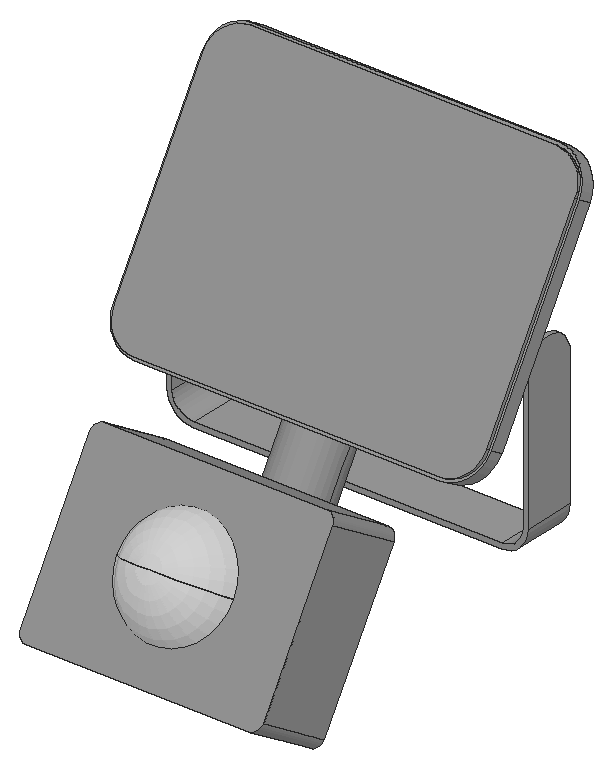
Revit family "0047962 Sylvania Lighting Fixture START eco Flood Flat IP54 PIR 900lm 830", category Lighting Fixtures, host Face, Revit 2016
Family settings
  Host = Face
  Part Type = Normal
  Round Connector Dimension = Use Diameter
  OmniClass Number = 23.80.70.00
  OmniClass Title = Lighting
  Cut with Voids When Loaded = No
  Light Source = No
  Shared = No
  Room Calculation Point = No
Parameters (values of type "0047962 ST E FLD FLT IP54 PIR 900LM 830")
  WidthBracketIn_SYL = if([10W_SYL], 102.2 mm, if([30W_SYL], 143.3 mm, if([50W_SYL], 181 mm, 262.8 mm)))  # 102.2 mm
  Weight = "4.88 kg"
  Wattage Comments = ""
  WarrantyStartDate [instance] = "n/a"
  WarrantyGuarantorParts = "n/a"
  WarrantyDurationUnit = "n/a"
  WarrantyDurationParts = "n/a"
  WarrantyDescription = "n/a"
  Voltage = 0 V
  URL = "http://www.sylvania-lighting.com"
  TypeName = "START eco Flood Flat IP54 PIR 900lm 830"
  TypeLight_SYL = START eco Flood Flat Lamp : 0047962 ST E FLD FLT IP54 PIR 900LM 830
  Type Image = <None>
  Type Comments = "n/a"
  ThicknessBracket_SYL = if([10W_SYL], 1.5 mm, 2 mm)  # 1.5 mm
  SerialNumber [instance] = "n/a"
  RotationAngle_SYL [instance] = 32.00°
  RadiusBracket_SYL = if([10W_SYL], 7.7 mm, if([30W_SYL], 8 mm, if([50W_SYL], 17 mm, 14 mm)))  # 7.7 mm
  RadiusBracketIn_SYL = RadiusBracket_SYL - ThicknessBracket_SYL  # 6.2 mm
  OffsetAxis_SYL = DepthBracket_SYL / 2  # 7.5 mm
  PowerFactor = 0.85
  PowerConsumption = "11 W"
  NominalLength = 156 mm
  NominalHeight = 67 mm
  NominalDepth = 178 mm
  Name = "START eco Flood Flat IP54 PIR 900lm 830"
  ModelReference = Name  # "START eco Flood Flat IP54 PIR 900lm 830"
  ModelNumber = "0047962"
  Model = Name  # "START eco Flood Flat IP54 PIR 900lm 830"
  Material = "adc12 housing"
  ManufacturerName = "Feilo Sylvania"
  Manufacturer = "Feilo Sylvania"
  LuminousEfficacy = "82 lm/W"
  LuminaireType = ""
  LightOutputRatio = "n/a"
  LampsType = Lamp  # "LED"
  LampNominalLuminous = "900 lm"
  LampMacAdamStep = "n/a"
  LampColourTemperature = "3000 K"
  LampColourRenderingIndex = "80"
  Lamp = "LED"
  Keynote = "16500"
  InstallationDate [instance] = "n/a"
  InputVoltage = "n/a"
  InputNominalFrequency = "n/a"
  IngressProtection = "IP54"
  ImpactProtectionIndex = "IK05"
  IfcExportType = "IfcLightFixtureType"
  IfcExportAs = "IfcLightFixtureType"
  HeightBracket_SYL = if([10W_SYL], 55 mm, if([30W_SYL], 70 mm, if([50W_SYL], 110 mm, 141 mm)))  # 55 mm
  ExpectedLife = 30000
  EndAngle_SYL [instance] = RotationAngle_SYL + 180.00°  # 212.00°
  ElectricShockClassification = "Class I"
  DurationUnit = "hours"
  DocumentationLiterature = "http://www.sylvania-lighting.com/product/en-int/products/0047962"
  DimmingControlOptions = "n/a"
  Description = "The new Start eco Flood Flat comes with improved design. The streamlined, durable, lightweight die-cast aluminium body makes it a perfect choice for building facades, car parks, garages and construction areas. The product includes 1 m pre-wired stripped cable and fitting bracket for quick and easy installation and the universal mounting bracket allows wall or surface mounting with the possibility of vertical tilting. Black die-cast aluminum housing, white reflector, 900 lm, 11 W, 82 lm/W, 3000K, drive current 38.6 mA, non dimmable, CRI>80, IP54, IK06 - fixture, IK05 - sensor, Class I, lumen maintenance L70:B50: 30000 hrs, 156 x 178 x 67 mm (L x W x H). Weight: 0.61kg.  PIR sensor included. Energy class: A++ A+ A."
  DepthBracket_SYL = if([10W_SYL], 15 mm, if([30W_SYL], 15 mm, if([50W_SYL], 17 mm, 25 mm)))  # 15 mm
  Default Elevation = 1219.2 mm
  CreatedOn = "10/8/2018"
  CreatedBy = "@sylvania-lighting.com"
  Cost = 0
  built-in parameter 1114216 [instance] = (empty or 0)
  ClassificationValue = "EF_70_80"
  ClassificationName = "Uniclass2015"
  Material_1_SYL = Body-Sylvania-FloodFlat-Black
  BarCode [instance] = "n/a"
  AssetType = "Fixed"
  AssetIdentifier [instance] = "n/a"
  Assembly Code = "D5020200"
  Apparent Load = 11 VA
  50W_SYL = no
  30W_SYL = no
  10W_SYL = yes
Reference planes
  plane 1 "Center (Front/Back)": y = 0
  plane 2: z = 0
  plane 3 "Center (Left/Right)": x = 0
  plane 4: x = -52.6
  plane 5: x = 52.6
  plane 6: z = 55
  plane 7: z = 47.5
  plane 8: x = -51.1
  plane 9: x = 51.1
  plane 10: z = 1.5
  plane 11: y = 7.5
  plane 12: y = -7.5
  plane 13: x = -44.9
  plane 14: z = 7.7
  plane 15: x = 44.9
  plane 16: y = -9.5
  plane 17: z = 57
  plane 18: y = 9.5
Forms (mm)
  Extrusion 1, solid, material "Body-Sylvania-FloodFlat-Black" <- "Material_1_SYL"
    sketch origin (0, 0, 0) x (1, 0, 0) y (0, 0, 1)
      loop
        line (-51.1, 55) -> (-52.6, 55) -> (-52.6, 7.7)
        arc (-52.6, 7.7) -> (-50.345, 2.255) -> (-44.9, 0) r 7.7
        line (-44.9, 0) -> (44.9, 0)
        arc (44.9, 0) -> (50.345, 2.255) -> (52.6, 7.7) r 7.7
        line (52.6, 7.7) -> (52.6, 55) -> (51.1, 55) -> (51.1, 7.7)
        arc (51.1, 7.7) -> (49.284, 3.316) -> (44.9, 1.5) r 6.2
        line (44.9, 1.5) -> (-44.9, 1.5)
        arc (-44.9, 1.5) -> (-49.284, 3.316) -> (-51.1, 7.7) r 6.2
        line (-51.1, 7.7) -> (-51.1, 55)
    from -7.5 to 7.5
  Extrusion 2, void
    sketch origin (0, 0, 0) x (0, 1, 0) y (0, 0, 1)
      loop
        line (7.5, 47.5) -> (9.5, 47.5) -> (9.5, 57) -> (-9.5, 57) -> (-9.5, 47.5) -> (-7.5, 47.5)
        arc (-7.5, 47.5) -> (0, 55) -> (7.5, 47.5) r 7.5
    from -52.6 to 52.6
  Revolve 3, solid, not visible
    sketch origin (0, 0, 0) x (1, 0, 0) y (0, 0, 1)
      loop
        line (0, 47.5) -> (0, 55) -> (-12.336, 55) -> (-12.336, 47.5) -> (0, 47.5)
      axis (0, 47.5) -> (-12.336, 47.5)
    angle from 32 <- "RotationAngle_SYL" to 212 <- "EndAngle_SYL"
Cuts and joins
  Extrusion 2 cuts Extrusion 1
Dimensions and locks
  equal spacing: plane 9, plane 3 "Center (Left/Right)", plane 8
  "WidthBracketIn_SYL": plane 9 to plane 8
  "ThicknessBracket_SYL": plane 8 to plane 4
  "ThicknessBracket_SYL": plane 5 to plane 9
  "ThicknessBracket_SYL": plane 10 to plane 2
  equal spacing: plane 12, plane 1 "Center (Front/Back)", plane 11
  "DepthBracket_SYL": plane 12 to plane 11
  "OffsetAxis_SYL": plane 7 to plane 6
  "HeightBracket_SYL": plane 6 to plane 2
  "RadiusBracket_SYL": plane 14 to plane 2
  equal spacing: plane 15, plane 3 "Center (Left/Right)", plane 13
  "RadiusBracket_SYL": plane 13 to plane 4
  equal spacing: plane 16, plane 1 "Center (Front/Back)", plane 18
  locked: plane 16 to plane 12 at 2
  locked: plane 6 to plane 17 at 2
  "RadiusBracket_SYL": radius of Extrusion 1 sketch curve  (x2)
  "RadiusBracketIn_SYL": radius of Extrusion 1 sketch curve  (x2)
  aligned and locked: plane 2 to host face
  aligned and locked: level to host face
  aligned and locked: Extrusion 1 sketch curve to plane 6  (x2)
  aligned and locked: Extrusion 1 sketch curve to plane 4
  aligned and locked: plane 5 to Extrusion 1 sketch curve
  aligned and locked: Extrusion 1 sketch curve to plane 9
  aligned and locked: Extrusion 1 sketch curve to plane 2
  aligned and locked: plane 13 to Extrusion 1 sketch curve
  aligned and locked: plane 14 to Extrusion 1 sketch curve  (x2)
  aligned and locked: plane 15 to Extrusion 1 sketch curve
  aligned and locked: Extrusion 1 to plane 11
  aligned and locked: plane 12 to Extrusion 1
  aligned and locked: plane 11 to Extrusion 2 sketch curve
  aligned and locked: plane 1 "Center (Front/Back)" to Extrusion 2 sketch curve
  aligned and locked: plane 7 to Extrusion 2 sketch curve
  aligned and locked: plane 17 to Extrusion 2 sketch curve
  aligned and locked: plane 18 to Extrusion 2 sketch curve
  aligned and locked: Extrusion 2 sketch curve to plane 16
  aligned and locked: Extrusion 2 sketch curve to plane 7  (x2)
  aligned and locked: plane 5 to Extrusion 2
  aligned and locked: Extrusion 2 to plane 4
  aligned and locked: Revolve 3 sketch curve to plane 7  (x2)
  aligned and locked: Revolve 3 sketch curve to plane 3 "Center (Left/Right)"
  aligned and locked: plane 6 to Revolve 3 sketch curve
  aligned and locked: plane 3 "Center (Left/Right)" to nested 1
Automatic sketch dimensions
  host sketch curve to host sketch curve = 2438.4 mm  (x2)
  Revolve 3 sketch curve to plane 3 "Center (Left/Right)" = 12.336 mm
  Revolve 3 sketch curve to plane 4 = 1122.5 mm
  plane 5 to Revolve 3 sketch curve = 1130.9 mm
Nested families
  nested 1: "START eco Flood Flat Lamp" at (0, 4.239, 54.284) x (1, 0, 0) z (0, -0.848, 0.5299), type <- "TypeLight_SYL", type "0047962 ST E FLD FLT IP54 PIR 900LM 830"
    with built-in parameter 1114216 (empty or 0)
Connectors
  electrical at (0, 0, 0), driven by "Apparent Load", driven by "PowerFactor", driven by "Voltage"
    settings: index 1, voltage 0 V, apparent load 11 VA, apparent load phase1 0 VA, apparent load phase2 0 VA, apparent load phase3 0 VA, power factor 0.85, load classification "Lighting", number of poles 1, system type 30, power factor state 1, is connector primary yes, connector utility no, sub classification motor no, connector description ""
Definition of nested family "START eco Flood Flat Lamp"
  Parameters (values of type "0047977 ST E FLD FLT IP65 9000LM 840")
    Width_SYL = if([10W_SYL], 110 mm, if([30W_SYL], 151 mm, if([50W_SYL], 189 mm, 275 mm)))  # 275 mm
    WidthLEDBoard_SYL = if([10W_SYL], 40 mm, if([30W_SYL], 83 mm, if([50W_SYL], 80 mm, 180 mm)))  # 180 mm
    WidthVignette_SYL = if([10W_SYL], 78.6 mm, if([30W_SYL], 120 mm, if([50W_SYL], 157 mm, 226 mm)))  # 226 mm
    WidthBoltHousing_SYL = 4 * OffsetBoltHousing_SYL  # 24.5 mm
    Wattage Comments = "n/a"
    Wattage = 100 W
    built-in parameter 1150110 = 1 (stored number, unit not read)
    URL = "http://www.sylvania-lighting.com"
    Type Image = (empty or 0)
    Type Comments = "n/a"
    built-in parameter 1114217 = 1 (stored number, unit not read)
    Tilt Angle = -90.00°
    ThicknessScreen_SYL = if([10W_SYL], 5 mm, if([30W_SYL], 5.2 mm, if([50W_SYL], 5.4 mm, 6.1 mm)))  # 6.1 mm
    ThicknessDiffuser_SYL = 0.8 mm  # constant formula
    built-in parameter 1150109 = 1 (stored number, unit not read)
    built-in parameter 1150134 = 12
    built-in parameter 1150113 = 1 (stored number, unit not read)
    RotationAxisFromTop_SYL = if([10W_SYL], 48.8 mm, if([30W_SYL], 61.7 mm, if([50W_SYL], 91.3 mm, 133.4 mm)))  # 133.4 mm
    RadiusLEDBoard_SYL = if([10W_SYL], 1.5 mm, if([30W_SYL], 2 mm, if([50W_SYL], 1.9 mm, 3.7 mm)))  # 3.7 mm
    RadiusDiffuser_SYL = RadiusCorners_SYL - ThicknessDiffuser_SYL  # 13.4 mm
    RadiusCorners_SYL = if([10W_SYL], 10.5 mm, if([30W_SYL], 10.7 mm, if([50W_SYL], 10.7 mm, 14.2 mm)))  # 14.2 mm
    RadiusBoltHousing_SYL = if([10W_SYL], 4.1 mm, if([30W_SYL], 4.9 mm, if([50W_SYL], 5 mm, 8.1 mm)))  # 8.1 mm
    RadiusBack_SYL = RadiusCorners_SYL - OffsetXBack_SYL / 3  # 10.117 mm
    RadiusBackB_SYL = RadiusBack_SYL - OffsetXBackB_SYL  # 7.054 mm
    Photometric Web File = "0047977.ies"
    PIR_SYL = no
    PIRHolderRadius_SYL = PIRBaseFillet_SYL + 2 mm  # 11 mm
    PIRFillet_SYL = 3 mm  # constant formula
    PIRBaseWidth_SYL = 38 mm
    PIRBaseFillet_SYL = PIRBaseDepth_SYL / 2  # 9 mm
    PIRBaseDepth_SYL = 18 mm
    OffsetYBack_SYL = (Height_SYL - HeightVignette_SYL) / 4  # 11 mm
    OffsetYBackB_SYL = OffsetYBack_SYL / 4  # 2.75 mm
    OffsetXBack_SYL = (Width_SYL - WidthVignette_SYL) / 4  # 12.25 mm
    OffsetXBackB_SYL = OffsetXBack_SYL / 4  # 3.063 mm
    OffsetBoltHousing_SYL = OffsetXBack_SYL / 2  # 6.125 mm
    Material_7_SYL = none
    Material_6_SYL = none
    Material_5_SYL = none
    Material_3_SYL = none
    Model = "START eco Flood Flat IP65 9000lm 840"
    Manufacturer = "Feilo Sylvania"
    built-in parameter 1150105 = 3437 (stored number, unit not read)
    Lumens = 9500 lm
    built-in parameter 1150115 = 1 (stored number, unit not read)
    built-in parameter 1150137 = (empty or 0)
    built-in parameter 1150139 = (empty or 0)
    built-in parameter 1150112 = 1 (stored number, unit not read)
    built-in parameter 1150114 = 1 (stored number, unit not read)
    Lamp = "LED"
    Keynote = "16500"
    Material_2_SYL = none
    InsertionPlaneFromTop_SYL = if([10W_SYL], 15.1 mm, if([30W_SYL], 14.5 mm, if([50W_SYL], 14.8 mm, 19.3 mm)))  # 19.3 mm
    built-in parameter 1150132 = (empty or 0)
    built-in parameter 1150102 = (empty or 0)
    built-in parameter 1150107 = 4000 (stored number, unit not read)
    built-in parameter 1150138 = (empty or 0)
    built-in parameter 1150106 = 34.37 (stored number, unit not read)
    Height_SYL = if([10W_SYL], 81.6 mm, if([30W_SYL], 112 mm, if([50W_SYL], 140.5 mm, 211 mm)))  # 211 mm
    HeightVignette_SYL = if([10W_SYL], 50 mm, if([30W_SYL], 81 mm, if([50W_SYL], 110 mm, 167 mm)))  # 167 mm
    HeightLEDBoard_SYL = if([10W_SYL], 25 mm, if([30W_SYL], 39 mm, if([50W_SYL], 56 mm, 132 mm)))  # 132 mm
    Emit from Rectangle Width = HeightVignette_SYL - 2 * RadiusVignette_SYL  # 146.2 mm
    Emit from Rectangle Length = WidthVignette_SYL - 2 * RadiusVignette_SYL  # 205.2 mm
    Emit Shape Visible in Rendering = no
    built-in parameter 1150104 = 8.8258 (stored number, unit not read)
    Dimming Lamp Color Temperature Shift = (empty or 0)
    DepthLEDBoard_SYL = (ThicknessScreen_SYL + DepthBack_SYL) / 9  # 2.289 mm
    DepthBack_SYL = if([10W_SYL], 10.2 mm, if([30W_SYL], 14.7 mm, if([50W_SYL], 16.9 mm, 14.5 mm)))  # 14.5 mm
    RadiusVignette_SYL = if([10W_SYL], 4.1 mm, if([30W_SYL], 4.1 mm, if([50W_SYL], 4.1 mm, 10.4 mm)))  # 10.4 mm
    Description = "The new Start eco Flood Flat comes with improved design. The streamlined, durable, lightweight die-cast aluminium body makes it a perfect choice for building facades, car parks, garages and construction areas. The product includes 1 m pre-wired stripped cable and fitting bracket for quick and easy installation and the universal mounting bracket allows wall or surface mounting with the possibility of vertical tilting. Black die-cast aluminum housing, white reflector, 9500 lm, 100 W, 95 lm/W, 4000K, drive current 386 mA, non dimmable, CRI>80, IP65, IK07, Class I, lumen maintenance L70:B50: 30000 hrs, 283 x 263 x 44 mm (L x W x H). Weight: 1.775kg. Energy class: A++ A+ A."
    DepthReflector_SYL = (ThicknessScreen_SYL + DepthBack_SYL) / 2  # 10.3 mm
    Default Elevation = 1219.2 mm
    Cost = 0
    Color Filter = 16777215
    built-in parameter 1114216 [instance] = (empty or 0)
    Material_1_SYL = none
    built-in parameter 1114218 = 1 (stored number, unit not read)
    built-in parameter 1150133 = 10 (stored number, unit not read)
    Assembly Code = "D5020200"
    Apparent Load = 100 VA
    Material_4_SYL = none
    50W_SYL = no
    30W_SYL = no
    10W_SYL = no
  Types (16, lengths in mm): name | Width_SYL | WidthLEDBoard_SYL | WidthVignette_SYL | WidthBoltHousing_SYL | Wattage | ThicknessScreen_SYL | built-in parameter 1150134 | RotationAxisFromTop_SYL | RadiusLEDBoard_SYL | RadiusDiffuser_SYL | RadiusCorners_SYL | RadiusBoltHousing_SYL | RadiusBack_SYL | RadiusBackB_SYL | Photometric Web File | PIR_SYL | OffsetYBack_SYL | OffsetYBackB_SYL | OffsetXBack_SYL | OffsetXBackB_SYL | OffsetBoltHousing_SYL | Model | built-in parameter 1150105 | Lumens | InsertionPlaneFromTop_SYL | built-in parameter 1150107 | built-in parameter 1150106 | Height_SYL | HeightVignette_SYL | HeightLEDBoard_SYL | Emit from Rectangle Width | Emit from Rectangle Length | built-in parameter 1150104 | DepthLEDBoard_SYL | DepthBack_SYL | RadiusVignette_SYL | Description | DepthReflector_SYL | Apparent Load | 50W_SYL | 30W_SYL | 10W_SYL
    0047977 ST E FLD FLT IP65 9000LM 840 | 275 | 180 | 226 | 24.5 | 100 W | 6.1 | 12 | 133.4 | 3.7 | 13.4 | 14.2 | 8.1 | 10.117 | 7.054 | "0047977.ies" | no | 11 | 2.75 | 12.25 | 3.063 | 6.125 | "START eco Flood Flat IP65 9000lm 840" | 3437 (stored number, unit not read) | 9500 lm | 19.3 | 4000 (stored number, unit not read) | 34.37 (stored number, unit not read) | 211 | 167 | 132 | 146.2 | 205.2 | 8.8258 (stored number, unit not read) | 2.289 | 14.5 | 10.4 | "The new Start eco Flood Flat comes with improved design. The streamlined, durable, lightweight die-cast aluminium body makes it a perfect choice for building facades, car parks, garages and construction areas. The product includes 1 m pre-wired stripped cable and fitting bracket for quick and easy installation and the universal mounting bracket allows wall or surface mounting with the possibility of vertical tilting. Black die-cast aluminum housing, white reflector, 9500 lm, 100 W, 95 lm/W, 4000K, drive current 386 mA, non dimmable, CRI>80, IP65, IK07, Class I, lumen maintenance L70:B50: 30000 hrs, 283 x 263 x 44 mm (L x W x H). Weight: 1.775kg. Energy class: A++ A+ A." | 10.3 | 100 VA | no | no | no
    0047976 ST E FLD FLT IP65 9000LM 830 | 275 | 180 | 226 | 24.5 | 100 W | 6.1 | (empty or 0) | 133.4 | 3.7 | 13.4 | 14.2 | 8.1 | 10.117 | 7.054 | "0047976.ies" | no | 11 | 2.75 | 12.25 | 3.063 | 6.125 | "START eco Flood Flat IP65 9000lm 830" | 3256.1 (stored number, unit not read) | 9000 lm | 19.3 | 3000 (stored number, unit not read) | 32.561 (stored number, unit not read) | 211 | 167 | 132 | 146.2 | 205.2 | 8.3613 (stored number, unit not read) | 2.289 | 14.5 | 10.4 | "The new Start eco Flood Flat comes with improved design. The streamlined, durable, lightweight die-cast aluminium body makes it a perfect choice for building facades, car parks, garages and construction areas. The product includes 1 m pre-wired stripped cable and fitting bracket for quick and easy installation and the universal mounting bracket allows wall or surface mounting with the possibility of vertical tilting. Black die-cast aluminum housing, white reflector, 9000 lm, 100 W, 90 lm/W, 3000K, drive current 386 mA, non dimmable, CRI>80, IP65, IK07, Class I, lumen maintenance L70:B50: 30000 hrs, 283 x 263 x 44 mm (L x W x H). Weight: 1.775kg. Energy class: A++ A+ A." | 10.3 | 100 VA | no | no | no
    0047973 ST E FLD FLT IP65 6500LM 840 | 275 | 180 | 226 | 24.5 | 70 W | 6.1 | 12 | 133.4 | 3.7 | 13.4 | 14.2 | 8.1 | 10.117 | 7.054 | "0047973.ies" | no | 11 | 2.75 | 12.25 | 3.063 | 6.125 | "START eco Flood Flat IP65 6500lm 840" | 2460.1 (stored number, unit not read) | 6650 lm | 19.3 | 4000 (stored number, unit not read) | 24.601 (stored number, unit not read) | 211 | 167 | 132 | 146.2 | 205.2 | 8.8258 (stored number, unit not read) | 2.289 | 14.5 | 10.4 | "The new Start eco Flood Flat comes with improved design. The streamlined, durable, lightweight die-cast aluminium body makes it a perfect choice for building facades, car parks, garages and construction areas. The product includes 1 m pre-wired stripped cable and fitting bracket for quick and easy installation and the universal mounting bracket allows wall or surface mounting with the possibility of vertical tilting. Black die-cast aluminum housing, white reflector, 6650 lm, 70 W, 95 lm/W, 4000K, drive current 270 mA, non dimmable, CRI>80, IP65, IK07, Class I, lumen maintenance L70:B50: 30000 hrs, 283 x 263 x 44 mm (L x W x H). Weight: 1.775kg. Energy class: A++ A+ A." | 10.3 | 70 VA | no | no | no
    0047972 ST E FLD FLT IP65 6500LM 830 | 275 | 180 | 226 | 24.5 | 70 W | 6.1 | (empty or 0) | 133.4 | 3.7 | 13.4 | 14.2 | 8.1 | 10.117 | 7.054 | "0047972.ies" | no | 11 | 2.75 | 12.25 | 3.063 | 6.125 | "START eco Flood Flat IP65 6500lm 830" | 2330.6 (stored number, unit not read) | 6300 lm | 19.3 | 3000 (stored number, unit not read) | 23.306 (stored number, unit not read) | 211 | 167 | 132 | 146.2 | 205.2 | 8.3613 (stored number, unit not read) | 2.289 | 14.5 | 10.4 | "The new Start eco Flood Flat comes with improved design. The streamlined, durable, lightweight die-cast aluminium body makes it a perfect choice for building facades, car parks, garages and construction areas. The product includes 1 m pre-wired stripped cable and fitting bracket for quick and easy installation and the universal mounting bracket allows wall or surface mounting with the possibility of vertical tilting. Black die-cast aluminum housing, white reflector, 6300 lm, 70 W, 90 lm/W, 3000K, drive current 270 mA, non dimmable, CRI>80, IP65, IK07, Class I, lumen maintenance L70:B50: 30000 hrs, 283 x 263 x 44 mm (L x W x H). Weight: 1.775kg. Energy class: A++ A+ A." | 10.3 | 70 VA | no | no | no
    0047971 ST E FLD FLT IP54 PIR 4500LM 840 | 189 | 80 | 157 | 16 | 51 W | 5.4 | 12 | 91.3 | 1.9 | 9.9 | 10.7 | 5 | 8.033 | 6.033 | "0047971.ies" | yes | 7.625 | 1.906 | 8 | 2 | 4 | "START eco Flood Flat IP54 PIR 4500lm 840" | 1695.8 (stored number, unit not read) | 4743 lm | 14.8 | 4000 (stored number, unit not read) | 16.958 (stored number, unit not read) | 140.5 | 110 | 56 | 101.8 | 148.8 | 8.64 (stored number, unit not read) | 2.478 | 16.9 | 4.1 | "The new Start eco Flood Flat comes with improved design. The streamlined, durable, lightweight die-cast aluminium body makes it a perfect choice for building facades, car parks, garages and construction areas. The product includes 1 m pre-wired stripped cable and fitting bracket for quick and easy installation and the universal mounting bracket allows wall or surface mounting with the possibility of vertical tilting. Black die-cast aluminum housing, white reflector, 4750 lm, 51 W, 93 lm/W, 4000K, drive current 193 mA, non dimmable, CRI>80, IP54, IK07 - fixture, IK05 - sensor, Class I, lumen maintenance L70:B50: 30000 hrs, 193 x 216 x 70 mm (L x W x H). Weight: 0.85kg.  PIR sensor included. Energy class: A++ A+ A." | 11.15 | 51 VA | yes | no | no
    0047970 ST E FLD FLT IP54 PIR 4500LM 830 | 189 | 80 | 157 | 16 | 51 W | 5.4 | (empty or 0) | 91.3 | 1.9 | 9.9 | 10.7 | 5 | 8.033 | 6.033 | "0047970.ies" | yes | 7.625 | 1.906 | 8 | 2 | 4 | "START eco Flood Flat IP54 PIR 4500lm 830" | 1604.6 (stored number, unit not read) | 4488 lm | 14.8 | 3000 (stored number, unit not read) | 16.046 (stored number, unit not read) | 140.5 | 110 | 56 | 101.8 | 148.8 | 8.1755 (stored number, unit not read) | 2.478 | 16.9 | 4.1 | "The new Start eco Flood Flat comes with improved design. The streamlined, durable, lightweight die-cast aluminium body makes it a perfect choice for building facades, car parks, garages and construction areas. The product includes 1 m pre-wired stripped cable and fitting bracket for quick and easy installation and the universal mounting bracket allows wall or surface mounting with the possibility of vertical tilting. Black die-cast aluminum housing, white reflector, 4500 lm, 51 W, 88 lm/W, 3000K, drive current 193 mA, non dimmable, CRI>80, IP54, IK07 - fixture, IK05 - sensor, Class I, lumen maintenance L70:B50: 30000 hrs, 193 x 216 x 70 mm (L x W x H). Weight: 0.85kg.  PIR sensor included. Energy class: A++ A+ A." | 11.15 | 51 VA | yes | no | no
    0047969 ST E FLD FLT IP65 4500LM 840 | 189 | 80 | 157 | 16 | 50 W | 5.4 | 12 | 91.3 | 1.9 | 9.9 | 10.7 | 5 | 8.033 | 6.033 | "0047969.ies" | no | 7.625 | 1.906 | 8 | 2 | 4 | "START eco Flood Flat IP65 4500lm 840" | 1698.3 (stored number, unit not read) | 4750 lm | 14.8 | 4000 (stored number, unit not read) | 16.983 (stored number, unit not read) | 140.5 | 110 | 56 | 101.8 | 148.8 | 8.8258 (stored number, unit not read) | 2.478 | 16.9 | 4.1 | "The new Start eco Flood Flat comes with improved design. The streamlined, durable, lightweight die-cast aluminium body makes it a perfect choice for building facades, car parks, garages and construction areas. The product includes 1 m pre-wired stripped cable and fitting bracket for quick and easy installation and the universal mounting bracket allows wall or surface mounting with the possibility of vertical tilting. Black die-cast aluminum housing, white reflector, 4750 lm, 50 W, 95 lm/W, 4000K, drive current 193 mA, non dimmable, CRI>80, IP65, IK07, Class I, lumen maintenance L70:B50: 30000 hrs, 193 x 190 x 48 mm (L x W x H). Weight: 0.785kg. Energy class: A++ A+ A." | 11.15 | 50 VA | yes | no | no
    0047968 ST E FLD FLT IP65 4500LM 830 | 189 | 80 | 157 | 16 | 50 W | 5.4 | (empty or 0) | 91.3 | 1.9 | 9.9 | 10.7 | 5 | 8.033 | 6.033 | "0047968.ies" | no | 7.625 | 1.906 | 8 | 2 | 4 | "START eco Flood Flat IP65 4500lm 830" | 1608.9 (stored number, unit not read) | 4500 lm | 14.8 | 3000 (stored number, unit not read) | 16.089 (stored number, unit not read) | 140.5 | 110 | 56 | 101.8 | 148.8 | 8.3613 (stored number, unit not read) | 2.478 | 16.9 | 4.1 | "The new Start eco Flood Flat comes with improved design. The streamlined, durable, lightweight die-cast aluminium body makes it a perfect choice for building facades, car parks, garages and construction areas. The product includes 1 m pre-wired stripped cable and fitting bracket for quick and easy installation and the universal mounting bracket allows wall or surface mounting with the possibility of vertical tilting. Black die-cast aluminum housing, white reflector, 4500 lm, 50 W, 90 lm/W, 3000K, drive current 193 mA, non dimmable, CRI>80, IP65, IK07, Class I, lumen maintenance L70:B50: 30000 hrs, 193 x 190 x 48 mm (L x W x H). Weight: 0.785kg. Energy class: A++ A+ A." | 11.15 | 50 VA | yes | no | no
    0047967 ST E FLD FLT IP54 PIR 2800LM 840 | 151 | 83 | 120 | 15.5 | 31 W | 5.2 | 12 | 61.7 | 2 | 9.9 | 10.7 | 4.9 | 8.117 | 6.179 | "0047967.ies" | yes | 7.75 | 1.938 | 7.75 | 1.938 | 3.875 | "START eco Flood Flat IP54 PIR 2800lm 840" | 1045.5 (stored number, unit not read) | 2852 lm | 14.5 | 4000 (stored number, unit not read) | 10.455 (stored number, unit not read) | 112 | 81 | 39 | 72.8 | 111.8 | 8.5471 (stored number, unit not read) | 2.211 | 14.7 | 4.1 | "The new Start eco Flood Flat comes with improved design. The streamlined, durable, lightweight die-cast aluminium body makes it a perfect choice for building facades, car parks, garages and construction areas. The product includes 1 m pre-wired stripped cable and fitting bracket for quick and easy installation and the universal mounting bracket allows wall or surface mounting with the possibility of vertical tilting. Black die-cast aluminum housing, white reflector, 2850 lm, 31 W, 92 lm/W, 4000K, drive current 116 mA, non dimmable, CRI>80, IP54, IK06 - fixture, IK05 - sensor, Class I, lumen maintenance L70:B50: 30000 hrs, 156 x 178 x 67 mm (L x W x H). Weight: 0.61kg.  PIR sensor included. Energy class: A++ A+ A." | 9.95 | 31 VA | no | yes | no
    0047966 ST E FLD FLT IP54 PIR 2800LM 830 | 151 | 83 | 120 | 15.5 | 31 W | 5.2 | (empty or 0) | 61.7 | 2 | 9.9 | 10.7 | 4.9 | 8.117 | 6.179 | "0047966.ies" | yes | 7.75 | 1.938 | 7.75 | 1.938 | 3.875 | "START eco Flood Flat IP54 PIR 2800lm 830" | 988.72 (stored number, unit not read) | 2697 lm | 14.5 | 3000 (stored number, unit not read) | 9.8872 (stored number, unit not read) | 112 | 81 | 39 | 72.8 | 111.8 | 8.0826 (stored number, unit not read) | 2.211 | 14.7 | 4.1 | "The new Start eco Flood Flat comes with improved design. The streamlined, durable, lightweight die-cast aluminium body makes it a perfect choice for building facades, car parks, garages and construction areas. The product includes 1 m pre-wired stripped cable and fitting bracket for quick and easy installation and the universal mounting bracket allows wall or surface mounting with the possibility of vertical tilting. Black die-cast aluminum housing, white reflector, 2700 lm, 31 W, 87 lm/W, 3000K, drive current 116 mA, non dimmable, CRI>80, IP54, IK06 - fixture, IK05 - sensor, Class I, lumen maintenance L70:B50: 30000 hrs, 156 x 178 x 67 mm (L x W x H). Weight: 0.61kg.  PIR sensor included. Energy class: A++ A+ A." | 9.95 | 31 VA | no | yes | no
    0047965 ST E FLD FLT IP65 2800LM 840 | 151 | 83 | 120 | 15.5 | 30 W | 5.2 | 12 | 61.7 | 2 | 9.9 | 10.7 | 4.9 | 8.117 | 6.179 | "0047965.ies" | no | 7.75 | 1.938 | 7.75 | 1.938 | 3.875 | "START eco Flood Flat IP65 2800lm 840" | 1044.8 (stored number, unit not read) | 2850 lm | 14.5 | 4000 (stored number, unit not read) | 10.448 (stored number, unit not read) | 112 | 81 | 39 | 72.8 | 111.8 | 8.8258 (stored number, unit not read) | 2.211 | 14.7 | 4.1 | "The new Start eco Flood Flat comes with improved design. The streamlined, durable, lightweight die-cast aluminium body makes it a perfect choice for building facades, car parks, garages and construction areas. The product includes 1 m pre-wired stripped cable and fitting bracket for quick and easy installation and the universal mounting bracket allows wall or surface mounting with the possibility of vertical tilting. Black die-cast aluminum housing, white reflector, 2850 lm, 30 W, 95 lm/W, 4000K, drive current 116 mA, non dimmable, CRI>80, IP65, IK06, Class I, lumen maintenance L70:B50: 30000 hrs, 156 x 126 x 38 mm (L x W x H). Weight: 0.545kg. Energy class: A++ A+ A." | 9.95 | 30 VA | no | yes | no
    0047964 ST E FLD FLT IP65 2800LM 830 | 151 | 83 | 120 | 15.5 | 30 W | 5.2 | (empty or 0) | 61.7 | 2 | 9.9 | 10.7 | 4.9 | 8.117 | 6.179 | "0047964.ies" | no | 7.75 | 1.938 | 7.75 | 1.938 | 3.875 | "START eco Flood Flat IP65 2800lm 830" | 989.82 (stored number, unit not read) | 2700 lm | 14.5 | 3000 (stored number, unit not read) | 9.8982 (stored number, unit not read) | 112 | 81 | 39 | 72.8 | 111.8 | 8.3613 (stored number, unit not read) | 2.211 | 14.7 | 4.1 | "The new Start eco Flood Flat comes with improved design. The streamlined, durable, lightweight die-cast aluminium body makes it a perfect choice for building facades, car parks, garages and construction areas. The product includes 1 m pre-wired stripped cable and fitting bracket for quick and easy installation and the universal mounting bracket allows wall or surface mounting with the possibility of vertical tilting. Black die-cast aluminum housing, white reflector, 2700 lm, 30 W, 90 lm/W, 3000K, drive current 116 mA, non dimmable, CRI>80, IP65, IK06, Class I, lumen maintenance L70:B50: 30000 hrs, 156 x 126 x 38 mm (L x W x H). Weight: 0.545kg. Energy class: A++ A+ A." | 9.95 | 30 VA | no | yes | no
    0047963 ST E FLD FLT IP54 PIR 900LM 840 | 110 | 40 | 78.6 | 15.7 | 11 W | 5 | 12 | 48.8 | 1.5 | 9.7 | 10.5 | 4.1 | 7.883 | 5.921 | "0047963.ies" | yes | 7.9 | 1.975 | 7.85 | 1.963 | 3.925 | "START eco Flood Flat IP54 PIR 900lm 840" | 365.78 (stored number, unit not read) | 946 lm | 15.1 | 4000 (stored number, unit not read) | 3.6578 (stored number, unit not read) | 81.6 | 50 | 25 | 41.8 | 70.4 | 7.9897 (stored number, unit not read) | 1.689 | 10.2 | 4.1 | "The new Start eco Flood Flat comes with improved design. The streamlined, durable, lightweight die-cast aluminium body makes it a perfect choice for building facades, car parks, garages and construction areas. The product includes 1 m pre-wired stripped cable and fitting bracket for quick and easy installation and the universal mounting bracket allows wall or surface mounting with the possibility of vertical tilting. Black die-cast aluminum housing, white reflector, 950 lm, 11 W, 86 lm/W, 4000K, drive current 38.6 mA, non dimmable, CRI>80, IP54, IK06 - fixture, IK05 - sensor, Class I, lumen maintenance L70:B50: 30000 hrs, 156 x 178 x 67 mm (L x W x H). Weight: 0.61kg.  PIR sensor included. Energy class: A++ A+ A." | 7.6 | 11 VA | no | no | yes
    0047962 ST E FLD FLT IP54 PIR 900LM 830 | 110 | 40 | 78.6 | 15.7 | 11 W | 5 | (empty or 0) | 48.8 | 1.5 | 9.7 | 10.5 | 4.1 | 7.883 | 5.921 | "0047962.ies" | yes | 7.9 | 1.975 | 7.85 | 1.963 | 3.925 | "START eco Flood Flat IP54 PIR 900lm 830" | 345.53 (stored number, unit not read) | 902 lm | 15.1 | 3000 (stored number, unit not read) | 3.4553 (stored number, unit not read) | 81.6 | 50 | 25 | 41.8 | 70.4 | 7.618 (stored number, unit not read) | 1.689 | 10.2 | 4.1 | "The new Start eco Flood Flat comes with improved design. The streamlined, durable, lightweight die-cast aluminium body makes it a perfect choice for building facades, car parks, garages and construction areas. The product includes 1 m pre-wired stripped cable and fitting bracket for quick and easy installation and the universal mounting bracket allows wall or surface mounting with the possibility of vertical tilting. Black die-cast aluminum housing, white reflector, 900 lm, 11 W, 82 lm/W, 3000K, drive current 38.6 mA, non dimmable, CRI>80, IP54, IK06 - fixture, IK05 - sensor, Class I, lumen maintenance L70:B50: 30000 hrs, 156 x 178 x 67 mm (L x W x H). Weight: 0.61kg.  PIR sensor included. Energy class: A++ A+ A." | 7.6 | 11 VA | no | no | yes
    0047961 ST E FLD FLT IP65 900LM 840 | 110 | 40 | 78.6 | 15.7 | 10 W | 5 | 12 | 48.8 | 1.5 | 9.7 | 10.5 | 4.1 | 7.883 | 5.921 | "0047961.ies" | no | 7.9 | 1.975 | 7.85 | 1.963 | 3.925 | "START eco Flood Flat IP65 900lm 840" | 367.33 (stored number, unit not read) | 950 lm | 15.1 | 4000 (stored number, unit not read) | 3.6733 (stored number, unit not read) | 81.6 | 50 | 25 | 41.8 | 70.4 | 8.8258 (stored number, unit not read) | 1.689 | 10.2 | 4.1 | "The new Start eco Flood Flat comes with improved design. The streamlined, durable, lightweight die-cast aluminium body makes it a perfect choice for building facades, car parks, garages and construction areas. The product includes 1 m pre-wired stripped cable and fitting bracket for quick and easy installation and the universal mounting bracket allows wall or surface mounting with the possibility of vertical tilting. Black die-cast aluminum housing, white reflector, 950 lm, 10 W, 95 lm/W, 4000K, drive current 38.6 mA, non dimmable, CRI>80, IP65, IK06, Class I, lumen maintenance L70:B50: 30000 hrs, 114 x 96 x 38 mm (L x W x H). Weight: 0.33kg. Energy class: A++ A+ A." | 7.6 | 10 VA | no | no | yes
    0047960 ST E FLD FLT IP65 900LM 830 | 110 | 40 | 78.6 | 15.7 | 10 W | 5 | (empty or 0) | 48.8 | 1.5 | 9.7 | 10.5 | 4.1 | 7.883 | 5.921 | "0047960.ies" | no | 7.9 | 1.975 | 7.85 | 1.963 | 3.925 | "START eco Flood Flat IP65 900lm 830" | 344.76 (stored number, unit not read) | 900 lm | 15.1 | 3000 (stored number, unit not read) | 3.4476 (stored number, unit not read) | 81.6 | 50 | 25 | 41.8 | 70.4 | 8.3613 (stored number, unit not read) | 1.689 | 10.2 | 4.1 | "The new Start eco Flood Flat comes with improved design. The streamlined, durable, lightweight die-cast aluminium body makes it a perfect choice for building facades, car parks, garages and construction areas. The product includes 1 m pre-wired stripped cable and fitting bracket for quick and easy installation and the universal mounting bracket allows wall or surface mounting with the possibility of vertical tilting. Black die-cast aluminum housing, white reflector, 900 lm, 10 W, 90 lm/W, 3000K, drive current 38.6 mA, non dimmable, CRI>80, IP65, IK06, Class I, lumen maintenance L70:B50: 30000 hrs, 114 x 96 x 38 mm (L x W x H). Weight: 0.33kg. Energy class: A++ A+ A." | 7.6 | 10 VA | no | no | yes
  Reference planes
    plane 1 "Center (Front/Back)": y = 0
    plane 2: z = 0
    plane 3 "Center (Left/Right)": x = 0
    plane 4: y = 105.5
    plane 5: y = -105.5
    plane 6: x = 137.5
    plane 7: x = -137.5
    plane 8: y = 83.5
    plane 9: y = -83.5
    plane 10: x = -113
    plane 11: x = 113
    plane 12: x = -123.3
    plane 13: y = 91.3
    plane 14: y = -91.3
    plane 15: x = 123.3
    plane 16: x = -102.6
    plane 17: y = 73.1
    plane 18: x = 102.6
    plane 19: y = -73.1
    plane 20: z = 19.3
    plane 21: z = 13.2
    plane 22: z = 9
    plane 23: z = -1.3
    plane 24: x = -125.25
    plane 25: y = 94.5
    plane 26: y = -94.5
    plane 27: x = 125.25
    plane 28: x = -122.187
    plane 29: x = 122.188
    plane 30: y = 91.75
    plane 31: y = -91.75
    plane 32: z = 18.5
    plane 33: x = -90
    plane 34: x = 90
    plane 35: y = 66
    plane 36: y = -66
    plane 37: z = 6.711
    plane 38: x = -136.7
    plane 39: y = 104.7
    plane 40: y = -104.7
    plane 41: x = 136.7
    plane 42: x = -131.375
    plane 43: x = 131.375
    plane 44: x = -106.875
    plane 45: x = 106.875
    plane 46 "RotationAxis": y = -27.9
    plane 47: y = -19.8
    plane 48: x = -19
    plane 49: x = 19
    plane 50: z = -10.3
    plane 51: z = 7.7
    plane 52: x = 10
    plane 53: x = -10
    plane 54: y = -155.5
    plane 55: y = -137.5
    plane 56: y = -146.5
    plane 57: x = -9
    plane 58: x = 9
    plane 59: y = -119.7
    plane 60: y = -173.3
    plane 61: x = -35.3
    plane 62: x = 35.3
    plane 63: z = 39.2
    plane 64: z = 33.7
  Forms (mm)
    Extrusion 1, solid
      sketch origin (4.2, 0, 0) x (1, 0, 0) y (0, 1, 0)
        loop
          line (-1219.2, 1219.2) -> (-1219.2, -1219.2) -> (1219.2, -1219.2) -> (1219.2, 1219.2) -> (-1219.2, 1219.2)
      from 0 to -68.017
    Extrusion 2, solid, material <- "Material_1_SYL"
      sketch origin (1223.4, -4572, 19.3) x (0, -1, 0) y (-1, 0, 0)
        loop
          line (-4677.5, 1346.7) -> (-4677.5, 1100.1)
          arc (-4677.5, 1100.1) -> (-4673.341, 1090.059) -> (-4663.3, 1085.9) r 14.2
          line (-4663.3, 1085.9) -> (-4480.7, 1085.9)
          arc (-4480.7, 1085.9) -> (-4470.659, 1090.059) -> (-4466.5, 1100.1) r 14.2
          line (-4466.5, 1100.1) -> (-4466.5, 1346.7)
          arc (-4466.5, 1346.7) -> (-4470.659, 1356.741) -> (-4480.7, 1360.9) r 14.2
          line (-4480.7, 1360.9) -> (-4663.3, 1360.9)
          arc (-4663.3, 1360.9) -> (-4673.341, 1356.741) -> (-4677.5, 1346.7) r 14.2
      from 6.1 to 0.8
    Blend 3, solid, material <- "Material_1_SYL"
      base sketch origin (1223.4, -4572, 13.2) x (0, -1, 0) y (1, 0, 0)
        loop
          arc (-4666.5, -1338.533) -> (-4663.537, -1345.687) -> (-4656.383, -1348.65) r 10.117
          line (-4656.383, -1348.65) -> (-4487.617, -1348.65)
          arc (-4487.617, -1348.65) -> (-4480.463, -1345.687) -> (-4477.5, -1338.533) r 10.117
          line (-4477.5, -1338.533) -> (-4477.5, -1108.267)
          arc (-4477.5, -1108.267) -> (-4480.463, -1101.113) -> (-4487.617, -1098.15) r 10.117
          line (-4487.617, -1098.15) -> (-4656.383, -1098.15)
          arc (-4656.383, -1098.15) -> (-4663.537, -1101.113) -> (-4666.5, -1108.267) r 10.117
          line (-4666.5, -1108.267) -> (-4666.5, -1338.533)
      top sketch origin (1223.4, -4572, 13.2) x (0, -1, 0) y (1, 0, 0)
        loop
          arc (-4663.75, -1338.533) -> (-4661.684, -1343.521) -> (-4656.696, -1345.588) r 7.054
          line (-4656.696, -1345.588) -> (-4487.304, -1345.588)
          arc (-4487.304, -1345.588) -> (-4482.316, -1343.521) -> (-4480.25, -1338.533) r 7.054
          line (-4480.25, -1338.533) -> (-4480.25, -1108.267)
          arc (-4480.25, -1108.267) -> (-4482.316, -1103.279) -> (-4487.304, -1101.213) r 7.054
          line (-4487.304, -1101.213) -> (-4656.696, -1101.213)
          arc (-4656.696, -1101.213) -> (-4661.684, -1103.279) -> (-4663.75, -1108.267) r 7.054
          line (-4663.75, -1108.267) -> (-4663.75, -1338.533)
      from 0 to -14.5
    Blend 4, void
      base sketch origin (1223.4, -4572, 18.5) x (-1, 0, 0) y (0, -1, 0)
        loop
          arc (1326, -4655.5) -> (1333.354, -4652.454) -> (1336.4, -4645.1) r 10.4
          line (1336.4, -4645.1) -> (1336.4, -4498.9)
          arc (1336.4, -4498.9) -> (1333.354, -4491.546) -> (1326, -4488.5) r 10.4
          line (1326, -4488.5) -> (1120.8, -4488.5)
          arc (1120.8, -4488.5) -> (1113.446, -4491.546) -> (1110.4, -4498.9) r 10.4
          line (1110.4, -4498.9) -> (1110.4, -4645.1)
          arc (1110.4, -4645.1) -> (1113.446, -4652.454) -> (1120.8, -4655.5) r 10.4
          line (1120.8, -4655.5) -> (1326, -4655.5)
      top sketch origin (1223.4, -4572, 18.5) x (0, -1, 0) y (1, 0, 0)
        loop
          arc (-4638, -1309.7) -> (-4636.916, -1312.316) -> (-4634.3, -1313.4) r 3.7
          line (-4634.3, -1313.4) -> (-4509.7, -1313.4)
          arc (-4509.7, -1313.4) -> (-4507.084, -1312.316) -> (-4506, -1309.7) r 3.7
          line (-4506, -1309.7) -> (-4506, -1137.1)
          arc (-4506, -1137.1) -> (-4507.084, -1134.484) -> (-4509.7, -1133.4) r 3.7
          line (-4509.7, -1133.4) -> (-4634.3, -1133.4)
          arc (-4634.3, -1133.4) -> (-4636.916, -1134.484) -> (-4638, -1137.1) r 3.7
          line (-4638, -1137.1) -> (-4638, -1309.7)
      from 0 to -9.5
    Extrusion 5, void
      sketch origin (1223.4, -4572, 9) x (-1, 0, 0) y (0, -1, 0)
        loop
          arc (1133.4, -4634.3) -> (1134.484, -4636.916) -> (1137.1, -4638) r 3.7
          line (1137.1, -4638) -> (1309.7, -4638)
          arc (1309.7, -4638) -> (1312.316, -4636.916) -> (1313.4, -4634.3) r 3.7
          line (1313.4, -4634.3) -> (1313.4, -4509.7)
          arc (1313.4, -4509.7) -> (1312.316, -4507.084) -> (1309.7, -4506) r 3.7
          line (1309.7, -4506) -> (1137.1, -4506)
          arc (1137.1, -4506) -> (1134.484, -4507.084) -> (1133.4, -4509.7) r 3.7
          line (1133.4, -4509.7) -> (1133.4, -4634.3)
      from 4.2 to -2.289
    Extrusion 6, solid, material <- "Material_3_SYL"
      sketch origin (1223.4, -4572, 19.3) x (0, -1, 0) y (-1, 0, 0)
        loop
          line (-4676.7, 1346.7) -> (-4676.7, 1100.1)
          arc (-4676.7, 1100.1) -> (-4672.775, 1090.625) -> (-4663.3, 1086.7) r 13.4
          line (-4663.3, 1086.7) -> (-4480.7, 1086.7)
          arc (-4480.7, 1086.7) -> (-4471.225, 1090.625) -> (-4467.3, 1100.1) r 13.4
          line (-4467.3, 1100.1) -> (-4467.3, 1346.7)
          arc (-4467.3, 1346.7) -> (-4471.225, 1356.175) -> (-4480.7, 1360.1) r 13.4
          line (-4480.7, 1360.1) -> (-4663.3, 1360.1)
          arc (-4663.3, 1360.1) -> (-4672.775, 1356.175) -> (-4676.7, 1346.7) r 13.4
      from 0 to 0.8
    Revolve 7, solid, material <- "Material_1_SYL"
      sketch origin (0, 0, 0) x (1, 0, 0) y (0, 1, 0)
        loop
          line (-131.375, -27.9) -> (-106.875, -27.9) -> (-106.875, -19.8) -> (-131.375, -19.8) -> (-131.375, -27.9)
        loop
          line (131.375, -27.9) -> (131.375, -19.8) -> (106.875, -19.8) -> (106.875, -27.9) -> (131.375, -27.9)
        axis (131.375, -27.9) -> (-131.375, -27.9)
      angle from 360 to 0
    Extrusion 8, solid, material <- "Material_1_SYL", visible <- "PIR_SYL"
      sketch origin (1524, -104.7, 1219.2) x (1, 0, 0) y (0, 0, 1)
        loop
          arc (-1514, -1229.5) -> (-1505, -1220.5) -> (-1514, -1211.5) r 9
          line (-1514, -1211.5) -> (-1534, -1211.5)
          arc (-1534, -1211.5) -> (-1543, -1220.5) -> (-1534, -1229.5) r 9
          line (-1534, -1229.5) -> (-1514, -1229.5)
      from 0 to -21.2
    Extrusion 9, solid, material <- "Material_6_SYL", visible <- "PIR_SYL"
      sketch origin (1524, -104.7, 1219.2) x (1, 0, 0) y (0, 0, 1)
        loop
          circle (-1524, -1220.5) r 9
      from 0 to 41.8
    Extrusion 10, solid, material <- "Material_6_SYL", visible <- "PIR_SYL"
      sketch origin (0, 0, 0) x (0, 1, 0) y (0, 0, 1)
        loop
          circle (-146.5, -1.3) r 11
      from -10 to 10
    Extrusion 11, solid, material <- "Material_6_SYL", visible <- "PIR_SYL"
      sketch origin (1223.4, -4572, -1.3) x (0, -1, 0) y (-1, 0, 0)
        loop
          circle (-4425.5, 1223.4) r 9
      from 0 to -14.5
    Extrusion 12, solid, material <- "Material_6_SYL", visible <- "PIR_SYL"
      sketch origin (1223.4, -4572, 13.2) x (0, -1, 0) y (-1, 0, 0)
        loop
          line (-4452.3, 1255.7) -> (-4452.3, 1191.1)
          arc (-4452.3, 1191.1) -> (-4451.421, 1188.979) -> (-4449.3, 1188.1) r 3
          line (-4449.3, 1188.1) -> (-4401.7, 1188.1)
          arc (-4401.7, 1188.1) -> (-4399.579, 1188.979) -> (-4398.7, 1191.1) r 3
          line (-4398.7, 1191.1) -> (-4398.7, 1255.7)
          arc (-4398.7, 1255.7) -> (-4399.579, 1257.821) -> (-4401.7, 1258.7) r 3
          line (-4401.7, 1258.7) -> (-4449.3, 1258.7)
          arc (-4449.3, 1258.7) -> (-4451.421, 1257.821) -> (-4452.3, 1255.7) r 3
      from 0 to -26
    Revolve 13, solid, material <- "Material_7_SYL", visible <- "PIR_SYL"
      sketch origin (0, -146.5, 2438.4) x (0, 0, 1) y (1, 0, 0)
        loop
          arc (-2387.2, 0) -> (-2390.514, 10.247) -> (-2399.2, 16.613) r 17.5
          line (-2399.2, 16.613) -> (-2399.2, 0) -> (-2387.2, 0)
        axis (-2399.2, 0) -> (-2387.2, 0)
      angle from 360 to 0
  Cuts and joins
    Blend 4, Extrusion 5 cuts Extrusion 2
    Blend 4, Extrusion 5 cuts Blend 3
    joined: Extrusion 2, Blend 3
  Lines and regions (mm)
    Split face 1
      outline origin (1223.4, -4572, 19.3) x (0, -1, 0) y (1, 0, 0)
        loop
          arc (-4655.5, -1326) -> (-4652.454, -1333.354) -> (-4645.1, -1336.4) r 10.4
          line (-4645.1, -1336.4) -> (-4498.9, -1336.4)
          arc (-4498.9, -1336.4) -> (-4491.546, -1333.354) -> (-4488.5, -1326) r 10.4
          line (-4488.5, -1326) -> (-4488.5, -1120.8)
          arc (-4488.5, -1120.8) -> (-4491.546, -1113.446) -> (-4498.9, -1110.4) r 10.4
          line (-4498.9, -1110.4) -> (-4645.1, -1110.4)
          arc (-4645.1, -1110.4) -> (-4652.454, -1113.446) -> (-4655.5, -1120.8) r 10.4
          line (-4655.5, -1120.8) -> (-4655.5, -1326)
  Dimensions and locks
    equal spacing: plane 5, plane 1 "Center (Front/Back)", plane 4
    "Height_SYL": plane 5 to plane 4
    equal spacing: plane 7, plane 3 "Center (Left/Right)", plane 6
    "Width_SYL": plane 7 to plane 6
    equal spacing: plane 10, plane 3 "Center (Left/Right)", plane 11
    equal spacing: plane 9, plane 1 "Center (Front/Back)", plane 8
    "HeightVignette_SYL": plane 9 to plane 8
    "WidthVignette_SYL": plane 10 to plane 11
    equal spacing: plane 12, plane 3 "Center (Left/Right)", plane 15
    equal spacing: plane 14, plane 1 "Center (Front/Back)", plane 13
    "RadiusCorners_SYL": plane 13 to plane 4
    "RadiusCorners_SYL": plane 7 to plane 12
    equal spacing: plane 16, plane 3 "Center (Left/Right)", plane 18
    equal spacing: plane 19, plane 1 "Center (Front/Back)", plane 17
    "RadiusVignette_SYL": plane 17 to plane 8
    "RadiusVignette_SYL": plane 18 to plane 11
    "InsertionPlaneFromTop_SYL": plane 20 to plane 2
    "ThicknessScreen_SYL": plane 20 to plane 21
    "DepthReflector_SYL": plane 20 to plane 22
    "DepthBack_SYL": plane 21 to plane 23
    equal spacing: plane 24, plane 3 "Center (Left/Right)", plane 27
    "OffsetXBack_SYL": plane 7 to plane 24
    equal spacing: plane 26, plane 1 "Center (Front/Back)", plane 25
    "OffsetYBack_SYL": plane 25 to plane 4
    equal spacing: plane 28, plane 3 "Center (Left/Right)", plane 29
    "OffsetXBackB_SYL": plane 24 to plane 28
    equal spacing: plane 31, plane 1 "Center (Front/Back)", plane 30
    "OffsetYBackB_SYL": plane 30 to plane 25
    "ThicknessDiffuser_SYL": plane 20 to plane 32
    equal spacing: plane 33, plane 3 "Center (Left/Right)", plane 34
    "WidthLEDBoard_SYL": plane 33 to plane 34
    equal spacing: plane 36, plane 1 "Center (Front/Back)", plane 35
    "HeightLEDBoard_SYL": plane 36 to plane 35
    "DepthLEDBoard_SYL": plane 22 to plane 37
    equal spacing: plane 38, plane 3 "Center (Left/Right)", plane 41
    "ThicknessDiffuser_SYL": plane 7 to plane 38
    equal spacing: plane 40, plane 1 "Center (Front/Back)", plane 39
    "ThicknessDiffuser_SYL": plane 5 to plane 40
    equal spacing: plane 43, plane 3 "Center (Left/Right)", plane 42
    "OffsetBoltHousing_SYL": plane 42 to plane 7
    equal spacing: plane 45, plane 3 "Center (Left/Right)", plane 44
    "WidthBoltHousing_SYL": plane 44 to plane 42
    "RotationAxisFromTop_SYL": plane 46 "RotationAxis" to plane 4
    "RadiusBoltHousing_SYL": plane 46 "RotationAxis" to plane 47
    equal spacing: plane 49, plane 3 "Center (Left/Right)", plane 48
    "PIRBaseWidth_SYL": plane 49 to plane 48
    equal spacing: plane 50, plane 23, plane 51
    equal spacing: plane 52, plane 3 "Center (Left/Right)", plane 53
    "PIRBaseFillet_SYL": plane 49 to plane 52
    "PIRBaseDepth_SYL": plane 50 to plane 51
    locked: plane 54 to plane 40 at 50.8
    "PIRBaseDepth_SYL": plane 55 to plane 54
    equal spacing: plane 54, plane 56, plane 55
    equal spacing: plane 57, plane 3 "Center (Left/Right)", plane 58
    "PIRBaseDepth_SYL": plane 57 to plane 58
    equal spacing: plane 61, plane 3 "Center (Left/Right)", plane 62
    locked: plane 61 to plane 62 at 70.6
    equal spacing: plane 59, plane 56, plane 60
    plane 59 to plane 60 = 53.6 mm
    locked: plane 21 to plane 63 at 26
    locked: plane 64 to plane 63 at 5.5
    "RadiusCorners_SYL": radius of Extrusion 2 sketch curve  (x4)
    "RadiusVignette_SYL": radius of Blend 4 sketch curve  (x4)
    "RadiusLEDBoard_SYL": radius of Blend 4 sketch curve  (x4)
    "RadiusDiffuser_SYL": radius of Extrusion 6 sketch curve  (x4)
    "RadiusBack_SYL": radius of Blend 3 sketch curve  (x4)
    "RadiusBackB_SYL": radius of Blend 3 sketch curve  (x4)
    "PIRBaseFillet_SYL": radius of Extrusion 9 sketch curve
    "PIRHolderRadius_SYL": radius of Extrusion 10 sketch curve
    "PIRBaseFillet_SYL": radius of Extrusion 11 sketch curve
    "PIRFillet_SYL": radius of Extrusion 12 sketch curve  (x4)
    aligned and locked: plane 2 to Extrusion 1
    aligned and locked: level to Extrusion 1
    aligned and locked: plane 4 to Extrusion 2 sketch curve
    aligned and locked: plane 7 to Extrusion 2 sketch curve
    aligned and locked: Extrusion 2 sketch curve to plane 5
    aligned and locked: Extrusion 2 sketch curve to plane 6
    aligned and locked: plane 12 to Extrusion 2 sketch curve
    aligned and locked: plane 14 to Extrusion 2 sketch curve
    aligned and locked: plane 15 to Extrusion 2 sketch curve
    aligned and locked: plane 13 to Extrusion 2 sketch curve
    aligned and locked: plane 21 to Extrusion 2
    aligned and locked: Blend 3 sketch curve to plane 25
    aligned and locked: Blend 3 sketch curve to plane 24
    aligned and locked: plane 26 to Blend 3 sketch curve
    aligned and locked: plane 27 to Blend 3 sketch curve
    aligned and locked: Blend 3 sketch curve to plane 30
    aligned and locked: Blend 3 sketch curve to plane 28
    aligned and locked: plane 31 to Blend 3 sketch curve
    aligned and locked: plane 29 to Blend 3 sketch curve
    aligned and locked: plane 23 to Blend 3
    aligned and locked: Blend 3 to plane 21
    aligned and locked: Extrusion 2 to plane 32
    aligned and locked: plane 8 to Blend 4 sketch curve
    aligned and locked: plane 10 to Blend 4 sketch curve
    aligned and locked: Blend 4 sketch curve to plane 9
    aligned and locked: Blend 4 sketch curve to plane 11
    aligned and locked: plane 35 to Blend 4 sketch curve
    aligned and locked: plane 33 to Blend 4 sketch curve
    aligned and locked: Blend 4 sketch curve to plane 36
    aligned and locked: Blend 4 sketch curve to plane 34
    aligned and locked: plane 22 to Blend 4
    aligned and locked: Extrusion 2 to Blend 4
    aligned and locked: Extrusion 5 sketch curve to cut or joined group of Extrusion 2, Blend 3, Blend 4, Extrusion 5  (x4)
    aligned and locked: plane 37 to Extrusion 5
    aligned and locked: Extrusion 5 to plane 21
    aligned and locked: Extrusion 6 sketch curve to plane 39
    aligned and locked: Extrusion 6 sketch curve to plane 38
    aligned and locked: plane 40 to Extrusion 6 sketch curve
    aligned and locked: plane 41 to Extrusion 6 sketch curve
    aligned and locked: plane 32 to Extrusion 6
    aligned and locked: Extrusion 6 to plane 20
    aligned and locked: Split face 1 sketch curve to cut or joined group of Extrusion 2, Blend 3, Blend 4, Extrusion 5  (x4)
    aligned and locked: Revolve 7 sketch curve to plane 42
    aligned and locked: Revolve 7 sketch curve to plane 43
    aligned and locked: plane 45 to Revolve 7 sketch curve
    aligned and locked: plane 44 to Revolve 7 sketch curve
    aligned and locked: Revolve 7 sketch curve to plane 46 "RotationAxis"
    aligned and locked: Revolve 7 sketch curve to Revolve 7 sketch curve  (x2)
    aligned and locked: plane 47 to Revolve 7 sketch curve
    aligned and locked: plane 51 to Extrusion 8 sketch curve
    aligned and locked: plane 52 to Extrusion 8 sketch curve
    aligned and locked: plane 23 to Extrusion 8 sketch curve
    aligned and locked: plane 53 to Extrusion 8 sketch curve
    aligned and locked: plane 40 to Extrusion 8
    aligned and locked: Extrusion 8 to plane 9
    aligned and locked: plane 50 to Extrusion 8 sketch curve
    aligned and locked: plane 3 "Center (Left/Right)" to Extrusion 9 sketch curve
    aligned and locked: plane 23 to Extrusion 9 sketch curve
    aligned and locked: Extrusion 9 to plane 40
    aligned and locked: plane 23 to Extrusion 10 sketch curve
    aligned and locked: plane 56 to Extrusion 10 sketch curve
    aligned and locked: Extrusion 10 to plane 53
    aligned and locked: plane 52 to Extrusion 10
    aligned and locked: Extrusion 9 to plane 56
    aligned and locked: plane 3 "Center (Left/Right)" to Extrusion 11 sketch curve
    aligned and locked: plane 56 to Extrusion 11 sketch curve
    aligned and locked: plane 23 to Extrusion 11
    aligned and locked: Extrusion 11 to plane 21
    aligned and locked: plane 59 to Extrusion 12 sketch curve
    aligned and locked: Extrusion 12 sketch curve to plane 61
    aligned and locked: Extrusion 12 sketch curve to plane 60
    aligned and locked: plane 62 to Extrusion 12 sketch curve
    aligned and locked: plane 21 to Extrusion 12
    aligned and locked: Extrusion 12 to plane 63
    aligned and locked: cut or joined group of Extrusion 2, Blend 3, Blend 4, Extrusion 5 to Extrusion 12
    aligned and locked: Revolve 13 sketch curve to plane 3 "Center (Left/Right)"
    aligned and locked: plane 3 "Center (Left/Right)" to Revolve 13 sketch curve  (x2)
    aligned and locked: plane 64 to Revolve 13 sketch curve
    aligned and locked: Revolve 13 sketch curve to plane 63
    aligned and locked: plane 3 "Center (Left/Right)" to imposter light
    aligned and locked: imposter light to plane 1 "Center (Front/Back)"
    aligned and locked: imposter light to plane 20
  Automatic sketch dimensions
    Extrusion 1 sketch curve to Extrusion 1 sketch curve = 2438.4 mm  (x2)
    plane 47 to Revolve 7 sketch curve = 0 mm
    Revolve 7 sketch curve to plane 7 = 1469 mm
    plane 6 to Revolve 7 sketch curve = 1469 mm
    Extrusion 8 sketch curve to plane 53 = 0 mm
    plane 50 to Revolve 13 sketch curve = 593.1 mm
    Revolve 13 sketch curve to Revolve 13 sketch curve = 2561.658 mm
    Revolve 13 sketch curve to plane 63 = 12 mm
